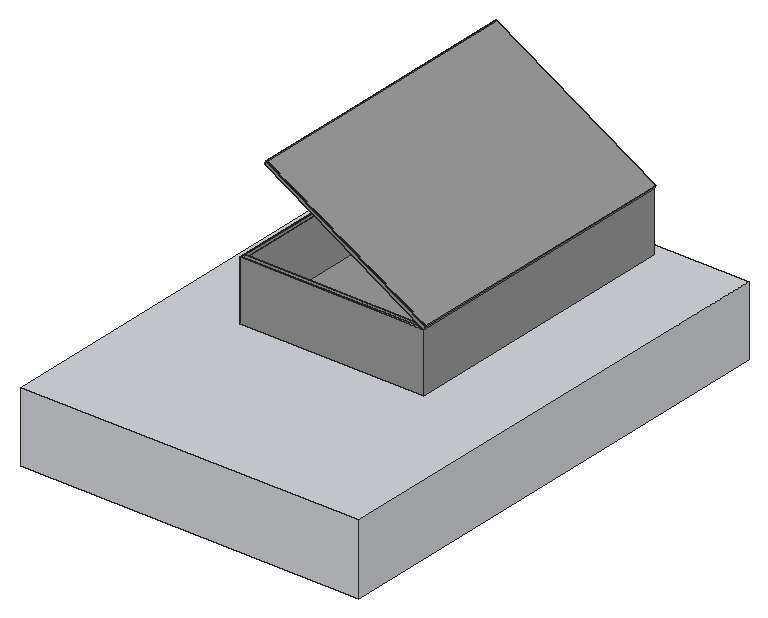
Revit family "Hager-Univers-IP55-D275-H1250-Cl.I-Steel_encl-AT-de", category Equipement électrique, Revit 2020
Family settings
  Hôte = Face
  Configuration du panneau = Deux colonnes, circuits au sein
  Cote de connecteur circulaire = Utiliser le diamètre
  Type d'élément = Tableau de raccordement
  Couper avec des vides une fois chargée = Non
  Partagée = Non
  Point de calcul de pièce = Non
Parameters (values of type "Aufputz IP55 B800 H1250 T275  - FR83E")
  Width Control [instance] = if([EF000008 - Breite] > Min Width, [EF000008 - Breite], Min Width)  # 800 mm
  Commentaires du type = [HG000003 - Bereich]  # "Univers"
  Thickness Door [instance] = if([EF009171 - Materialstärke Tür/Deckel] > 3 mm, 3 mm, [EF009171 - Materialstärke Tür/Deckel])  # 1.5 mm
  Seal Frame Offset [instance] = 17 mm  # constant formula
  Plinth Visibility [instance] = [HG000027 - Sockelhöhe] > 0 mm  # no
  Model = ""
  Min Width [instance] = 100 mm  # constant formula
  Min Height [instance] = 100 mm  # constant formula
  Min Depth [instance] = (2 * [EF009170 - Materialstärke Gehäuse]) + 1 mm  # 4 mm
  Internal Frame Depth [instance] = (Door System Depth * 0.5)  # 9 mm
  Height Control [instance] = if([EF000040 - Höhe] > Min Height, [EF000040 - Höhe], Min Height)  # 1250 mm
  HG000027 - Sockelhöhe = 0 mm
  HG000026 - Stehend auf dem Boden = no
  HG000024 - Höhe des unteren Teils = 800 mm
  HG000023 - Gehäuse mit doppeltem Querschnitt = no
  HG000016 - 3D-Türsichtbarkeit [instance] = yes
  HG000015 - Sichtbarkeit der Türöffnung [instance] = no
  HG000014 - Tür rechts [instance] = yes
  HG000013 - Tür links [instance] = not([HG000014 - Tür rechts])  # no
  HG000012 - Türschwenkwinkel [instance] = 30.00°
  HG000010 - Asymmetrische Türen = no
  HG000009 - Doppelflügeligen Tür = no
  HG000006 - Unterputz = no
  HG000004 - Herstellerreferenz = "FR83E"
  HG000003 - Bereich = "Univers"
  HG000002 - Mit tür = yes
  Frame Offset Bottom [instance] = 10 mm  # constant formula
  Frame Offset [instance] = 15 mm  # constant formula
  EF015940 - Deckel mit Überdruckentlastung = no
  EF011959 - Schutzart (NEMA) = ""
  EF009554 - Anzahl der Öffnungen für Flanschplatten = 6
  Fabricant = "Hager"  # constant formula
  EF009212 - Ausführung Deckel = "EV000116 - geschlossen"
  EF009171 - Materialstärke Tür/Deckel = 1.5 mm
  EF009170 - Materialstärke Gehäuse = 1.5 mm
  EF008873 - Nennstrom (In) = 800 A
  EF007800 - Geeignet für Blitzschutz = no
  EF006306 - Mit Schloss = no
  EF006244 - Transparenter Deckel/Tür = no
  EF005474 - Schutzart (IP) = "EV006420 - IP55"
  EF004464 - Art der Tür = "EV002646 - Einzel"
  EF004427 - Anzahl der Module = 288
  EF004293 - Schlagfestigkeit = "EV008784 - IK10"
  EF003532 - Geeignet für Außengebrauch = no
  EF002950 - Breite in Teilungseinheiten = 24
  EF001613 - Funktionserhalt = "EV000494 - ohne"
  EF001596 - Werkstoff des Gehäuses = "EV000179 - Stahl"
  EF001131 - Innentiefe = 275 mm
  EF001088 - Anbaumöglichkeit = yes
  EF000437 - Anzahl der Leitungseinführungen = 6
  EF000339 - Art der Abdeckung = "EV004216 - Tür"
  EF000266 - Anzahl der Reihen = 8
  EF000218 - Einbautiefe = 0 mm
  EF000118 - Mit Montageplatte = no
  EF000116 - RAL-Nummer = "7035"
  EF000049 - Tiefe = 275 mm
  EF000040 - Höhe = 1250 mm
  EF000008 - Breite = 800 mm
  EF000007 - Farbe = "EV000270 - grau"
  EF000003 - Montageart = "EV000384 - Aufputz"
  Door System Leaf Tolerance [instance] = 1.5 mm  # constant formula
  Door System Depth [instance] = 18 mm  # constant formula
  Door Height [instance] = Height Control - [HG000027 - Sockelhöhe]  # 1250 mm
  Depth Control [instance] = if([EF000049 - Tiefe] > Min Depth, [EF000049 - Tiefe], Min Depth)  # 275 mm
  Default Elevation = 0 mm
  Connector Offset [instance] = Height Control / 2  # 625 mm
  Bottom Top Plate Trim [instance] = 1.5 mm  # constant formula
  Plinth height Ctrl [instance] = if([HG000027 - Sockelhöhe] > 0 mm, [HG000027 - Sockelhöhe], 12 mm)  # 12 mm
Types (5, lengths in mm): name | Width Control | HG000010 - Asymmetrische Türen | HG000009 - Doppelflügeligen Tür | HG000004 - Herstellerreferenz | EF009554 - Anzahl der Öffnungen für Flanschplatten | EF004464 - Art der Tür | EF004427 - Anzahl der Module | EF000437 - Anzahl der Leitungseinführungen | EF000008 - Breite
  Aufputz IP55 B1050 H1250 T275  - FR84E | 1050 | no | yes | "FR84E" | 8 | "EV003602 - Doppel" | 384 | 8 | 1050
  Aufputz IP55 B1300 H1250 T275  - FR85E | 1300 | yes | yes | "FR85E" | 10 | "EV003602 - Doppel" | 480 | 10 | 1300
  Aufputz IP55 B300 H1250 T275  - FR81E | 300 | no | no | "FR81E" | 2 | "EV002646 - Einzel" | 96 | 2 | 300
  Aufputz IP55 B550 H1250 T275  - FR82E | 550 | no | no | "FR82E" | 4 | "EV002646 - Einzel" | 192 | 4 | 550
  Aufputz IP55 B800 H1250 T275  - FR83E | 800 | no | no | "FR83E" | 6 | "EV002646 - Einzel" | 288 | 6 | 800
Reference planes
  plane 1 "Center (Front/Back)": y = 0
  plane 2: z = 0
  plane 3 "Center (Left/Right)": x = 0
  plane 4: z = 275
  plane 5: y = 1.5
  plane 6: y = 625
  plane 7: y = 0
  plane 8: y = 1250
  plane 9: z = 0
  plane 10: x = -385
  plane 11: x = 385
  plane 12: x = 383.5
  plane 13: x = -383.5
  plane 14: y = 1248.5
  plane 15: x = -383
  plane 16: x = -400
  plane 17: x = 383
  plane 18: x = 400
  plane 19: x = 398.5
  plane 20: x = -398.5
  plane 21: y = 11.5
  plane 22: y = 1250
  plane 23: y = 1233.5
  plane 24: z = 257
  plane 25: z = 1.5
  plane 26: z = 255.5
  plane 27: z = 273.5
Forms (mm)
  Extrusion 1, solid
    sketch origin (0, 0, 0) x (1, 0, 0) y (0, 1, 0)
      loop
        line (-702.964, 1305) -> (-702.964, -811.445) -> (766.763, -811.445) -> (766.763, 1305) -> (-702.964, 1305)
    from 0 to -304.8
  Extrusion 2, solid, material "Hager_Steel_RAL7035_Light_Grey", visible <- "Plinth Visibility", detail levels medium+fine
    sketch origin (0, 0, 0) x (1, 0, 0) y (0, 1, 0)
      loop
        line (-400, 0) -> (400, 0) -> (400, 12) -> (-400, 12) -> (-400, 0)
    from 0 to 257
  Extrusion 3, solid, material "Hager_Steel_RAL7035_Light_Grey", detail levels medium+fine
    sketch origin (0, 0, 0) x (1, 0, 0) y (0, 1, 0)
      loop
        line (-400, 0) -> (400, 0) -> (400, 1250) -> (-400, 1250) -> (-400, 0)
    from 0 to 257
  Extrusion 4, void
    sketch origin (0, 0, 0) x (1, 0, 0) y (0, 1, 0)
      loop
        line (-398.5, 1.5) -> (398.5, 1.5) -> (398.5, 1248.5) -> (-398.5, 1248.5) -> (-398.5, 1.5)
    from 1.5 to 255.5
  Extrusion 5, void
    sketch origin (-381.607, -4572, 257) x (0, -1, 0) y (-1, 0, 0)
      loop
        line (-4583.5, 1.893) -> (-5805.5, 1.893) -> (-5805.5, -765.107) -> (-4583.5, -765.107) -> (-4583.5, 1.893)
    from 0 to 1.5 <- "EF009170 - Materialstärke Gehäuse"
  Extrusion 6, solid, material "Hager_Steel_RAL7035_Light_Grey", detail levels fine
    sketch origin (0, 0, 257) x (1, 0, 0) y (0, 1, 0)
      loop
        line (-383.5, 1233.5) -> (-383.5, 11.5) -> (383.5, 11.5) -> (383.5, 1233.5) -> (-383.5, 1233.5)
      loop
        line (-385, 10) -> (385, 10) -> (385, 1235) -> (-385, 1235) -> (-385, 10)
    from 0 to 9 <- "Internal Frame Depth"
  Extrusion 7, solid, material "Hager_Steel_RAL7035_Light_Grey", detail levels coarse
    sketch origin (0, 0, 0) x (1, 0, 0) y (0, 1, 0)
      loop
        line (-400, 0) -> (400, 0) -> (400, 1250) -> (-400, 1250) -> (-400, 0)
    from 0 to 275
  Sweep 8, void
    path in 3D
      loop
        line (-400, 12, 0) -> (400, 12, 0) -> (400, 12, 257) -> (-400, 12, 257) -> (-400, 12, 0)
    profile origin (-400, 12, 128.5) x (-1, 0, 0) y (0, -1, 0)
      loop
        line (0, 0) -> (0, 1.5) -> (-1.5, 1.5)
        arc (-1.5, 1.5) -> (-1.061, 0.439) -> (0, 0) r 1.5
Cuts and joins
  Extrusion 4, Extrusion 5 cuts Extrusion 3
  Sweep 8 cuts Extrusion 2
Lines and regions (mm)
  Masking region 1
    outline origin (0, 0, 0) x (1, 0, 0) y (0, 0, 1)
      loop
        line (-400, 275) -> (-400, 0) -> (400, 0) -> (400, 275) -> (-400, 275)
  Masking region 2, detail levels medium+fine
    outline origin (0, 140, 0) x (0, 1, 0) y (0, 0, 1)
      loop
        line (-140, 0) -> (1110, 0) -> (1110, 257) -> (-140, 257) -> (-140, 0)
  Masking region 3, not visible, detail levels medium+fine
    outline origin (0, 297.922, 0) x (0, 1, 0) y (0, 0, 1)
      loop
        line (338.578, 0) -> (378.578, 0) -> (378.578, 263.5)
        arc (378.578, 263.5) -> (375.649, 270.571) -> (368.578, 273.5) r 10
        line (368.578, 273.5) -> (338.578, 273.5) -> (338.578, 0)
  Masking region 4, detail levels coarse
    outline origin (0, 0, 180) x (0, 1, 0) y (0, 0, 1)
      loop
        line (0, -180) -> (1250, -180) -> (1250, 95) -> (0, 95) -> (0, -180)
  Masking region 5, visible <- "Plinth Visibility", detail levels medium+fine
    outline origin (0, 52.24, 12.345) x (0, 0, -1) y (0, 1, 0)
      loop
        line (10.845, -40.24) -> (-243.155, -40.24)
        arc (-243.155, -40.24) -> (-243.594, -41.301) -> (-244.655, -41.74) r 1.5
        line (-244.655, -41.74) -> (-244.655, -52.24) -> (12.345, -52.24) -> (12.345, -41.74)
        arc (12.345, -41.74) -> (11.285, -41.301) -> (10.845, -40.24) r 1.5
  Masking region 6, detail levels medium+fine
    outline origin (-381.607, -4572, 257) x (-1, 0, 0) y (0, -1, 0)
      loop
        line (18.393, -5822) -> (18.393, -4572) -> (-781.607, -4572) -> (-781.607, -5822) -> (18.393, -5822)
  Masking region 7, visible <- "Plinth Visibility", detail levels medium+fine
    outline origin (-381.607, -4727, 257) x (-1, 0, 0) y (0, -1, 0)
      loop
        arc (16.893, -4739) -> (17.332, -4737.939) -> (18.393, -4737.5) r 1.5
        line (18.393, -4737.5) -> (18.393, -4727) -> (-781.607, -4727) -> (-781.607, -4737.5)
        arc (-781.607, -4737.5) -> (-780.546, -4737.939) -> (-780.107, -4739) r 1.5
        line (-780.107, -4739) -> (16.893, -4739)
  Masking region 8, detail levels coarse
    outline origin (-442.548, -4669.526, 257) x (-1, 0, 0) y (0, -1, 0)
      loop
        line (-42.548, -5919.526) -> (-42.548, -4669.526) -> (-842.548, -4669.526) -> (-842.548, -5919.526) -> (-42.548, -5919.526)
  sketch lines
    curve 1: line (-400, 12, 257) -> (-400, 12, 0)
    curve 2: line (400, 12, 257) -> (-400, 12, 257)
    curve 3: line (400, 12, 257) -> (400, 12, 0)
    curve 4: line (-400, 12, 0) -> (400, 12, 0)
Dimensions and locks
  "Depth Control": plane 4 to Extrusion 1
  "HG000027 - Sockelhöhe": plane 1 "Center (Front/Back)" to plane 7
  "EF009170 - Materialstärke Gehäuse": plane 5 to plane 7
  locked: connector elem to plane 3 "Center (Left/Right)"
  equal spacing: plane 8, plane 6, plane 7
  locked: connector elem to plane 6
  "EF009170 - Materialstärke Gehäuse": plane 8 to plane 14
  "EF009170 - Materialstärke Gehäuse": plane 10 to plane 13
  "EF009170 - Materialstärke Gehäuse": plane 12 to plane 11
  "Frame Offset": plane 20 to plane 13
  "Frame Offset": plane 12 to plane 19
  "EF009170 - Materialstärke Gehäuse": plane 16 to plane 20
  "EF009170 - Materialstärke Gehäuse": plane 19 to plane 18
  "Seal Frame Offset": plane 16 to plane 15
  "Seal Frame Offset": plane 17 to plane 18
  "Frame Offset Bottom": plane 21 to plane 5
  "Frame Offset": plane 14 to plane 23
  equal spacing: plane 16, plane 3 "Center (Left/Right)", plane 18
  "Width Control": plane 16 to plane 18
  "EF009170 - Materialstärke Gehäuse": plane 4 to plane 27
  "EF009170 - Materialstärke Gehäuse": plane 24 to plane 26
  "EF009170 - Materialstärke Gehäuse": plane 25 to level
  "Door System Depth": plane 4 to plane 24
  "Height Control": plane 1 "Center (Front/Back)" to Extrusion 7 sketch curve
  "Height Control": Masking region 4 sketch curve to plane 1 "Center (Front/Back)"
  "Height Control": plane 1 "Center (Front/Back)" to plane 22
  "Bottom Top Plate Trim": profile plane to Sweep 8 sketch curve
  "Bottom Top Plate Trim": Sweep 8 sketch curve to profile plane
  "Plinth height Ctrl": plane 1 "Center (Front/Back)" to Extrusion 2 sketch curve
  "Plinth height Ctrl": Masking region 5 sketch curve to plane 1 "Center (Front/Back)"
  "Plinth height Ctrl": plane 1 "Center (Front/Back)" to Masking region 7 sketch curve
  "Thickness Door": Extrusion 6 sketch curve to Extrusion 6 sketch curve  (x3)
  "Thickness Door": cut or joined group of Extrusion 3, Extrusion 4, Extrusion 5 to Extrusion 6 sketch curve
  radius of Masking region 3 sketch curve = 10 mm
  "Bottom Top Plate Trim": radius of Masking region 5 sketch curve  (x2)
  "Bottom Top Plate Trim": radius of Sweep 8 sketch curve
  "Bottom Top Plate Trim": radius of Masking region 7 sketch curve  (x2)
  aligned and locked: plane 2 to Extrusion 1
  aligned and locked: level to Extrusion 1
  aligned and locked: level to Masking region 1 sketch curve
  aligned and locked: Masking region 1 sketch curve to plane 18
  aligned and locked: Masking region 1 sketch curve to plane 16
  aligned and locked: plane 7 to Masking region 2 sketch curve
  aligned and locked: level to Masking region 3 sketch curve
  aligned and locked: Masking region 3 sketch curve to plane 27
  aligned and locked: level to Masking region 2 sketch curve
  aligned and locked: plane 1 "Center (Front/Back)" to Extrusion 2 sketch curve
  aligned and locked: Extrusion 3 sketch curve to plane 7
  aligned and locked: plane 16 to Extrusion 3 sketch curve
  aligned and locked: plane 18 to Extrusion 3 sketch curve
  aligned and locked: plane 20 to Extrusion 4 sketch curve
  aligned and locked: plane 19 to Extrusion 4 sketch curve
  aligned and locked: Extrusion 4 sketch curve to plane 5
  aligned and locked: Extrusion 4 to plane 25
  aligned and locked: plane 26 to Extrusion 4
  aligned and locked: plane 24 to Extrusion 3
  aligned and locked: Extrusion 5 sketch curve to plane 21
  aligned and locked: Extrusion 5 sketch curve to plane 13
  aligned and locked: Extrusion 5 sketch curve to plane 12
  aligned and locked: plane 18 to Extrusion 7 sketch curve
  aligned and locked: plane 1 "Center (Front/Back)" to Extrusion 7 sketch curve
  aligned and locked: plane 16 to Extrusion 7 sketch curve
  aligned and locked: plane 4 to Extrusion 7
  aligned and locked: Extrusion 7 to level
  aligned and locked: level to Masking region 4 sketch curve
  aligned and locked: Masking region 4 sketch curve to plane 1 "Center (Front/Back)"
  aligned and locked: Masking region 4 sketch curve to plane 4
  aligned and locked: nested 1 to level
  aligned and locked: nested 1 to plane 16
  aligned and locked: plane 8 to Extrusion 3 sketch curve
  aligned and locked: plane 23 to Extrusion 5 sketch curve
  aligned and locked: plane 14 to Extrusion 4 sketch curve
  aligned and locked: Masking region 2 sketch curve to plane 8
  aligned and locked: level to Masking region 5 sketch curve
  aligned and locked: plane 16 to Extrusion 2 sketch curve
  aligned and locked: plane 18 to Extrusion 2 sketch curve
  aligned and locked: Masking region 5 sketch curve to plane 24
  aligned and locked: Masking region 2 sketch curve to plane 24
  aligned and locked: plane 24 to Extrusion 2
  aligned and locked: profile plane to Sweep 8 sketch curve  (x2)
  aligned and locked: Masking region 6 sketch curve to plane 18
  aligned and locked: Masking region 6 sketch curve to plane 22
  aligned and locked: Masking region 6 sketch curve to plane 16
  aligned and locked: plane 8 to plane 22
  aligned and locked: Masking region 6 sketch curve to plane 7
  aligned and locked: Masking region 7 sketch curve to plane 16
  aligned and locked: Masking region 7 sketch curve to plane 1 "Center (Front/Back)"
  aligned and locked: Masking region 7 sketch curve to plane 18
  aligned and locked: Masking region 8 sketch curve to plane 1 "Center (Front/Back)"
  aligned and locked: Masking region 8 sketch curve to plane 18
  aligned and locked: Masking region 8 sketch curve to plane 22
  aligned and locked: Masking region 8 sketch curve to plane 16
  aligned and locked: nested 2 to plane 7
  aligned and locked: plane 3 "Center (Left/Right)" to nested 2
  aligned and locked: nested 2 to plane 24
  aligned and locked: Extrusion 6 sketch curve to cut or joined group of Extrusion 3, Extrusion 4, Extrusion 5  (x4)
Automatic sketch dimensions
  Extrusion 1 sketch curve to Extrusion 1 sketch curve = 1469.727 mm
  Extrusion 1 sketch curve to Extrusion 1 sketch curve = 2116.445 mm
  Masking region 1 sketch curve to plane 4 = 0 mm
  plane 6 to Masking region 3 sketch curve = 11.5 mm
  Masking region 3 sketch curve to Masking region 3 sketch curve = 30 mm
  Masking region 5 sketch curve to plane 1 "Center (Front/Back)" = 0 mm
Nested families
  nested 1: "Hager_Enclosure_Symbol" at (-400, 0, 0) x (1, 0, 0) z (0, -1, 0), Height <- "Depth Control", Width <- "Width Control", type "Hager_Enclosure_Symbol"
    with Width_Ctrl 800 mm, Width 800 mm, Height_Ctrl 275 mm, Height 275 mm, A_Width_Int 18.047 mm, A_Width 216.562 mm, A_Height_Ctrl 240.625 mm, A_Height 240.625 mm
  nested 2: "EC000058_Univers_Door" at (0, 0, 257) x (1, 0, 0) z (0, 1, 0), Leaf_Tolerance <- "Door System Leaf Tolerance", Angle <- "HG000012 - Türschwenkwinkel", Door_Depth <- "Door System Depth", Door_Left <- "HG000013 - Tür links", Transparent <- "EF006244 - Transparenter Deckel/Tür", Assymetrical <- "HG000010 - Asymmetrische Türen", Width <- "Width Control", Clearance <- "HG000015 - Sichtbarkeit der Türöffnung", Double <- "HG000009 - Doppelflügeligen Tür", 3d_Door <- "HG000016 - 3D-Türsichtbarkeit", Lock_Visibility <- "EF006306 - Mit Schloss", Width_Ctrl <- "Width Control", Door_Right <- "HG000014 - Tür rechts", Door <- "HG000002 - Mit tür", Height <- "Door Height", Thickness <- "Thickness Door", type "EC000058_Univers_Door", detail levels medium+fine
    with min_wh 4 mm, Width_Ctrl 800 mm, Width 800 mm, Transparent no, Thickness 1.5 mm, Seal_Material Hager_Rubber, Lock_Visibility no, Lock_Material Hager_Plastic_RAL9005_Jet_Black, Leaf_Width 800 mm, Leaf_Tolerance_External_Sides 0 mm, Leaf_Tolerance 1.5 mm, Leaf_Offset 0 mm, Leaf_Height 1247 mm, Leaf_2_Width 800 mm, Leaf_2_Offset 400 mm, Leaf_1_Width 800 mm, Leaf_1_Offset 400 mm, Height_Ctrl 1250 mm, Height 1250 mm, Glass_Material Hager_Glass, Double_Clearance_Ctrl no, Double no, Door_Right_Ctrl yes, Door_Right yes, Door_Material Hager_Steel_RAL7035_Light_Grey, Door_Left_Ctrl no, Door_Left no, Door_Depth 18 mm, Door yes, Clearance_Material Hager_Clearance, Clearance_Depth 800 mm, Clearance_Ctrl no, Clearance no, Assymetrical no, Angle 30.00°, 3d_Door yes
Connectors
  electrical at (0, 625, 0)
    settings: on plane 9, index 1, voltage 0 V, apparent load 0 VA, apparent load phase1 0 VA, apparent load phase2 0 VA, apparent load phase3 0 VA, power factor 1, load classification "Other", number of poles 1, system type 30, power factor state 1, is connector primary yes, connector utility no, sub classification motor no, connector description ""
Definition of nested family "EC000058_Univers_Door"
  Parameters (values of type "EC000058_Univers_Door")
    min_wh [instance] = (2 * Thickness) + 1 mm  # 11 mm
    Width_Ctrl [instance] = 400 mm
    Width [instance] = 500 mm
    Transparent [instance] = yes
    Thickness [instance] = 5 mm
    Seal_Material [instance] = none
    Lock_Visibility [instance] = yes
    Lock_Material [instance] = none
    Leaf_Width [instance] = if((Width_Ctrl - 2 * Leaf_Tolerance_External_Sides) > 0 mm, (Width_Ctrl - 2 * Leaf_Tolerance_External_Sides), min_wh)  # 400 mm
    Leaf_Tolerance_External_Sides [instance] = 0 mm  # constant formula
    Leaf_Tolerance [instance] = 1.5 mm
    Leaf_Offset [instance] = 0 mm  # constant formula
    Leaf_Height [instance] = if((Height_Ctrl - 2 * Leaf_Tolerance) > 0 mm, (Height_Ctrl - 2 * Leaf_Tolerance), min_wh)  # 497 mm
    Leaf_2_Width [instance] = if(and(and(Double, Assymetrical), Door_Left), (Leaf_Width / 3) - (Leaf_Tolerance / 2), if(and(and(Double, Assymetrical), Door_Right), (Leaf_Width / 3) * 2 - (Leaf_Tolerance / 2), if(and(Double, not(Assymetrical)), (Leaf_Width / 2) - Leaf_Tolerance, Leaf_Width)))  # 400 mm
    Leaf_2_Offset [instance] = if(and(Double, Assymetrical), Leaf_2_Width / 2, if(and(Double, not(Assymetrical)), Leaf_Width / 4, Leaf_Width / 2))  # 200 mm
    Leaf_1_Width [instance] = if(and(and(Double, Assymetrical), Door_Right), (Leaf_Width / 3) - (Leaf_Tolerance / 2), if(and(and(Double, Assymetrical), Door_Left), (Width / 3) * 2 - (Leaf_Tolerance / 2), if(and(Double, not(Assymetrical)), (Leaf_Width / 2) - Leaf_Tolerance, Leaf_Width)))  # 400 mm
    Leaf_1_Offset [instance] = if(and(Double, Assymetrical), Leaf_1_Width / 2, if(and(Double, not(Assymetrical)), Leaf_Width / 4, Leaf_Width / 2))  # 200 mm
    Height_Ctrl [instance] = if(Height > min_wh, Height, min_wh)  # 500 mm
    Height [instance] = 500 mm
    Glass_Material [instance] = none
    Double_Clearance_Ctrl [instance] = and(Double, Clearance)  # no
    Double [instance] = no
    Door_Right_Ctrl [instance] = and(or(Door_Right, Double), Door)  # yes
    Door_Right [instance] = yes
    Door_Material [instance] = none
    Door_Left_Ctrl [instance] = and(or(Door_Left, Double), Door)  # no
    Door_Left [instance] = no
    Door_Depth [instance] = 30 mm
    Door [instance] = yes
    Default Elevation = 1219.2 mm
    Clearance_Material [instance] = none
    Clearance_Depth [instance] = if(Leaf_1_Width > Leaf_2_Width, Leaf_1_Width, Leaf_2_Width)  # 400 mm
    Clearance_Ctrl [instance] = and(not(Double), Clearance)  # yes
    Clearance [instance] = yes
    Assymetrical [instance] = yes
    Angle [instance] = 30.00°
    3d_Door [instance] = yes
  Reference planes
    plane 1 "Center (Front/Back)": y = 0
    plane 2 "Bottom": z = 0
    plane 3 "Center (Left/Right)": x = 0
    plane 4: z = 500
    plane 5: x = -200
    plane 6: x = 200
    plane 7: z = 500
    plane 8: x = -200
    plane 9: z = 0
    plane 10: x = 200
    plane 11: y = 0
    plane 12: z = 1.5
    plane 13: x = -600
    plane 14: y = -400
    plane 15: x = 600
    plane 16: x = 0
    plane 17: x = 0
    plane 18: x = -200
    plane 19: x = 200
    plane 20: z = 498.5
  Forms (mm)
    Extrusion 1, solid, material <- "Clearance_Material", visible <- "Double_Clearance_Ctrl"
      sketch origin (1200, 0, 0) x (1, 0, 0) y (0, 0, -1)
        loop
          line (-1800, -498.5) -> (-600, -498.5) -> (-600, 0) -> (-1800, 0) -> (-1800, -498.5)
      from 0 to -400
  Dimensions and locks
    equal spacing: plane 5, plane 3 "Center (Left/Right)", plane 6
    "Width_Ctrl": plane 5 to plane 6
    "Leaf_Offset": plane 5 to plane 8
    "Leaf_Offset": plane 6 to plane 10
    "Leaf_Offset": plane 9 to level
    "Leaf_Offset": plane 4 to plane 7
    "Height_Ctrl": plane 4 to level
    "Leaf_Tolerance": plane 12 to plane 9
    locked: plane 11 to plane 1 "Center (Front/Back)"
    "Leaf_1_Offset": plane 18 to plane 16
    "Leaf_2_Offset": plane 17 to plane 19
    "Leaf_1_Width": plane 13 to plane 8
    "Leaf_2_Width": plane 10 to plane 15
    "Clearance_Depth": plane 14 to plane 1 "Center (Front/Back)"
    "Leaf_Tolerance_External_Sides": plane 8 to plane 18
    "Leaf_Tolerance_External_Sides": plane 19 to plane 10
    "Leaf_Tolerance": plane 7 to plane 20
    aligned and locked: level to plane 2 "Bottom"
    aligned and locked: nested 1 to plane 16
    aligned and locked: nested 2 to plane 17
    aligned and locked: Extrusion 1 to plane 13
    aligned and locked: plane 15 to Extrusion 1
    aligned and locked: Extrusion 1 to plane 14
    aligned and locked: plane 12 to nested 1
    aligned and locked: nested 2 to plane 12
    aligned and locked: Extrusion 1 to plane 11
    aligned and locked: plane 20 to Extrusion 1
    aligned and locked: nested 2 to plane 11
    aligned and locked: nested 1 to plane 11
  Automatic sketch dimensions
    Extrusion 1 sketch curve to level = 0 mm
    plane 5 to Extrusion 1 sketch curve = 400 mm
    plane 6 to Extrusion 1 sketch curve = 400 mm
    Extrusion 1 sketch curve to plane 4 = 1.5 mm
  Nested families
    nested 1: "EC000058_Univers_Door_Leaf" at (0, 0, 1.5), Width <- "Leaf_1_Width", visible <- "Door_Left_Ctrl", Leaf_Height <- "Leaf_Height", Angle <- "Angle", 3d_Door <- "3d_Door", Transparent <- "Transparent", Clearance Material <- "Clearance_Material", Clearance <- "Clearance_Ctrl", Door_Material <- "Door_Material", Glass_Material <- "Glass_Material", Door_Depth <- "Door_Depth", Lock_Material <- "Lock_Material", Seal_Material <- "Seal_Material", Lock_Visibility <- "Lock_Visibility", Thickness <- "Thickness", type "EC000058_Univers_Door_Leaf"
      with Width 400 mm, Transparent_Glass_Offset 30 mm, Transparent_Ctrl yes, Transparent yes, Thickness 5 mm, Standard no, Seal_Material none, Seal_D2 8 mm, Seal_D1 1 mm, Offset_Internal_Frame 10 mm, Lock_Width 20 mm, Lock_Visibility_3d yes, Lock_Visibility yes, Lock_Thickness_3 3 mm, Lock_Thickness_2 1 mm, Lock_Thickness_1 3 mm, Lock_Radius_Offset_2 16 mm, Lock_Radius_Offset_1 15 mm, Lock_Radius_2 5 mm, Lock_Radius 6 mm, Lock_Offset 5 mm, Lock_Material none, Lock_Height 80 mm, Lock_Cover_Top_Offset_2d 17 mm, Lock_Cover_Height -65 mm, Leaf_Height 497 mm, Internal_Seal_Thickness 8 mm, Internal_Seal_Depth_2 4.5 mm, Internal_Frame_Depth 25 mm, Glass_Thickness -1 mm, Glass_Offset -2 mm, Glass_Material none, Door_Material none, Door_Depth 30 mm, Clearance Material none, Clearance yes, Angle_Ctrl 30.00°, Angle 30.00°, 3d_Door yes
    nested 2: "EC000058_Univers_Door_Leaf" at (0, 0, 1.5) x (-1, 0, 0) z (0, 0, 1), Width <- "Leaf_2_Width", visible <- "Door_Right_Ctrl", Leaf_Height <- "Leaf_Height", Angle <- "Angle", 3d_Door <- "3d_Door", Transparent <- "Transparent", Clearance Material <- "Clearance_Material", Clearance <- "Clearance_Ctrl", Door_Material <- "Door_Material", Glass_Material <- "Glass_Material", Door_Depth <- "Door_Depth", Lock_Material <- "Lock_Material", Seal_Material <- "Seal_Material", Lock_Visibility <- "Lock_Visibility", Thickness <- "Thickness", type "EC000058_Univers_Door_Leaf"
      with Width 400 mm, Transparent_Glass_Offset 30 mm, Transparent_Ctrl yes, Transparent yes, Thickness 5 mm, Standard no, Seal_Material none, Seal_D2 8 mm, Seal_D1 1 mm, Offset_Internal_Frame 10 mm, Lock_Width 20 mm, Lock_Visibility_3d yes, Lock_Visibility yes, Lock_Thickness_3 3 mm, Lock_Thickness_2 1 mm, Lock_Thickness_1 3 mm, Lock_Radius_Offset_2 16 mm, Lock_Radius_Offset_1 15 mm, Lock_Radius_2 5 mm, Lock_Radius 6 mm, Lock_Offset 5 mm, Lock_Material none, Lock_Height 80 mm, Lock_Cover_Top_Offset_2d 17 mm, Lock_Cover_Height -65 mm, Leaf_Height 497 mm, Internal_Seal_Thickness 8 mm, Internal_Seal_Depth_2 4.5 mm, Internal_Frame_Depth 25 mm, Glass_Thickness -1 mm, Glass_Offset -2 mm, Glass_Material none, Door_Material none, Door_Depth 30 mm, Clearance Material none, Clearance yes, Angle_Ctrl 30.00°, Angle 30.00°, 3d_Door yes
  Definition of nested family "EC000058_Univers_Door_Leaf"
    Parameters (values of type "EC000058_Univers_Door_Leaf")
      Width [instance] = 2000 mm
      Transparent_Glass_Offset [instance] = 30 mm
      Transparent_Ctrl [instance] = and(Transparent, [3d_Door])  # yes
      Transparent [instance] = yes
      Thickness [instance] = 5 mm
      Standard [instance] = and(not(Transparent), [3d_Door])  # no
      Seal_Material [instance] = none
      Seal_D2 [instance] = 8 mm  # constant formula
      Seal_D1 [instance] = 1 mm  # constant formula
      Offset_Internal_Frame [instance] = 10 mm  # constant formula
      Lock_Width [instance] = 20 mm  # constant formula
      Lock_Visibility_3d [instance] = and(Lock_Visibility, [3d_Door])  # yes
      Lock_Visibility [instance] = yes
      Lock_Thickness_3 [instance] = 3 mm  # constant formula
      Lock_Thickness_2 [instance] = 1 mm  # constant formula
      Lock_Thickness_1 [instance] = 3 mm  # constant formula
      Lock_Radius_Offset_2 [instance] = Lock_Radius_Offset_1 + 1 mm  # 16 mm
      Lock_Radius_Offset_1 [instance] = 15 mm  # constant formula
      Lock_Radius_2 [instance] = Lock_Radius - 1 mm  # 5 mm
      Lock_Radius [instance] = 6 mm  # constant formula
      Lock_Offset [instance] = 5 mm  # constant formula
      Lock_Material [instance] = none
      Lock_Height [instance] = 80 mm  # constant formula
      Lock_Cover_Top_Offset_2d [instance] = Lock_Radius_Offset_2 + 1 mm  # 17 mm
      Lock_Cover_Height [instance] = -(Lock_Height - Lock_Radius_Offset_1)  # -65 mm
      Leaf_Height [instance] = 2720.336 mm
      Internal_Seal_Thickness [instance] = 8 mm  # constant formula
      Internal_Seal_Depth_2 [instance] = 4.5 mm  # constant formula
      Internal_Frame_Depth [instance] = if(Door_Depth - Thickness > 5 mm, Door_Depth - Thickness, 5 mm)  # 25 mm
      Glass_Thickness [instance] = if(Thickness > 15 mm, Glass_Offset + 10 mm, -1 mm)  # -1 mm
      Glass_Offset [instance] = if(Thickness > 15 mm, -(Thickness + 10 mm) / 2, -2 mm)  # -2 mm
      Glass_Material [instance] = none
      Door_Material [instance] = none
      Door_Depth [instance] = 30 mm
      Default Elevation = 0 mm
      Clearance Material [instance] = none
      Clearance [instance] = yes
      Angle_Ctrl [instance] = if(Angle > 180.00°, 180.00°, Angle)  # 90.00°
      Angle [instance] = 90.00°
      3d_Door [instance] = yes
    Reference planes
      plane 1 "Center (Front/Back)": y = 0
      plane 2: z = 0
      plane 3 "Center (Left/Right)": x = 0
      plane 4: y = 2000
      plane 5: x = -1000
      plane 6: x = 1000
      plane 7: x = -3000
      plane 8: z = 2720.336
      plane 9: z = 30
      plane 10: z = 2690.336
      plane 11: x = 970
      plane 12: x = -970
      plane 13: y = -3
      plane 14: z = 107.833
      plane 15: y = -5
      plane 16: y = -223.314
      plane 17: x = -1000
      plane 18: z = 1360.168
      plane 19: y = 30
    Forms (mm)
      Extrusion 1, solid, material <- "Clearance Material", visible <- "Clearance"
        sketch origin (0, 0, 0) x (1, 0, 0) y (0, 0, 1)
          loop
            line (-3000, 2720.336) -> (-3000, 0) -> (1000, 0) -> (1000, 2720.336) -> (-3000, 2720.336)
        from 0 to -2000
      Extrusion 2, solid, material <- "Door_Material", visible <- "Standard", detail levels medium+fine
        sketch origin (-1000, 0, 0) x (0, 1, 0) y (-1, 0, 0)
          loop
            line (0, 30) -> (0, 25) -> (2000, 25) -> (2000, 30) -> (0, 30)
        from 0 to 2720.336 <- "Leaf_Height"
      Extrusion 3, solid, material <- "Door_Material", visible <- "Transparent_Ctrl", detail levels medium+fine
        sketch origin (-1000, 0, 0) x (0, 1, 0) y (-1, 0, 0)
          loop
            line (0, 25) -> (2000, 25) -> (2000, 30) -> (0, 30) -> (0, 25)
        from 0 to 2720.336 <- "Leaf_Height"
      Extrusion 4, void
        sketch origin (-1025, 2000, 0) x (0, 1, 0) y (0, 0, -1)
          loop
            line (-30, -2690.336) -> (-30, -30) -> (-1970, -30) -> (-1970, -2690.336) -> (-30, -2690.336)
        from 0 to 5 <- "Thickness"
      Sweep 5, solid, material <- "Seal_Material", visible <- "Transparent_Ctrl", detail levels fine
        path in 3D
          loop
            line (-1025, 30, 30) -> (-1025, 30, 2690.336) -> (-1025, 1970, 2690.336) -> (-1025, 1970, 30) -> (-1025, 30, 30)
        profile origin (-1025, 1000, 30) x (1, 0, 0) y (0, 0, 1)
          loop
            line (0, 0) -> (0, -8) -> (1, -8) -> (1, 0) -> (0, 0)
      Extrusion 6, solid, material <- "Glass_Material", visible <- "Transparent_Ctrl", detail levels medium+fine
        sketch origin (-1030, 0, 0) x (0, 1, 0) y (0, 0, -1)
          loop
            line (1970, -2690.336) -> (1970, -30) -> (30, -30) -> (30, -2690.336) -> (1970, -2690.336)
        from -2 <- "Glass_Offset" to -1 <- "Glass_Thickness"
      Extrusion 7, solid, material <- "Door_Material", visible <- "3d_Door", detail levels medium+fine
        sketch origin (-1025, 2000, 0) x (0, -1, 0) y (0, 0, -1)
          loop
            line (0, -2720.336) -> (2000, -2720.336) -> (2000, 0) -> (0, 0) -> (0, -2720.336)
          loop
            line (1995, -5) -> (5, -5) -> (5, -2715.336) -> (1995, -2715.336) -> (1995, -5)
        from 0 to 25 <- "Internal_Frame_Depth"
      Sweep 8, solid, material <- "Seal_Material", visible <- "Transparent_Ctrl", detail levels fine
        path in 3D
          loop
            line (-1025, 0, 0) -> (-1025, 2000, 0) -> (-1025, 2000, 2720.336) -> (-1025, 0, 2720.336) -> (-1025, 0, 0)
        profile origin (-1025, 0, 1360.168) x (1, 0, 0) y (0, 1, 0)
          loop
            line (0, 10) -> (2.975, 10)
            arc (2.975, 10) -> (4.053, 10.447) -> (4.5, 11.525) r 1.525
            line (4.5, 11.525) -> (4.5, 16.527)
            arc (4.5, 16.527) -> (4.069, 17.569) -> (3.027, 18) r 1.473
            line (3.027, 18) -> (0, 18) -> (0, 10)
      Extrusion 9, solid, material <- "Lock_Material", visible <- "Lock_Visibility_3d", detail levels fine
        sketch origin (-1030, 0, 0) x (0, 1, 0) y (0, 0, -1)
          loop
            arc (1993.5, -1400.168) -> (1994.561, -1399.729) -> (1995, -1398.668) r 1.5
            line (1995, -1398.668) -> (1995, -1320.168) -> (1975, -1320.168) -> (1975, -1398.668)
            arc (1975, -1398.668) -> (1975.439, -1399.729) -> (1976.5, -1400.168) r 1.5
            line (1976.5, -1400.168) -> (1993.5, -1400.168)
        from 3 <- "Lock_Thickness_1" to 0
      Blend 10, solid, material <- "Lock_Material", visible <- "Lock_Visibility_3d", detail levels fine
        base sketch origin (-1033, 0, 0) x (0, 1, 0) y (0, 0, -1)
          loop
            line (1975, -1320.168) -> (1975, -1398.668)
            arc (1975, -1398.668) -> (1975.439, -1399.729) -> (1976.5, -1400.168) r 1.5
            line (1976.5, -1400.168) -> (1993.5, -1400.168)
            arc (1993.5, -1400.168) -> (1994.561, -1399.729) -> (1995, -1398.668) r 1.5
            line (1995, -1398.668) -> (1995, -1320.168) -> (1975, -1320.168)
        top sketch origin (-1033, 0, 0) x (0, 1, 0) y (0, 0, -1)
          loop
            line (1976, -1320.168) -> (1976, -1398.668)
            arc (1976, -1398.668) -> (1976.146, -1399.022) -> (1976.5, -1399.168) r 0.5
            line (1976.5, -1399.168) -> (1993.5, -1399.168)
            arc (1993.5, -1399.168) -> (1993.854, -1399.022) -> (1994, -1398.668) r 0.5
            line (1994, -1398.668) -> (1994, -1320.168) -> (1976, -1320.168)
        from 0 to 1 <- "Lock_Thickness_2"
      Blend 11, solid, material <- "Lock_Material", visible <- "Lock_Visibility_3d", detail levels fine
        base sketch origin (-1034, 0, 0) x (0, 1, 0) y (0, 0, -1)
          loop
            line (1978, -1320.168) -> (1978, -1384.168)
            arc (1978, -1384.168) -> (1985, -1391.168) -> (1992, -1384.168) r 7
            line (1992, -1384.168) -> (1992, -1320.168) -> (1978, -1320.168)
        top sketch origin (-1034, 0, 0) x (0, 1, 0) y (0, 0, -1)
          loop
            line (1991, -1320.168) -> (1979, -1320.168) -> (1979, -1383.168)
            arc (1979, -1383.168) -> (1985, -1389.168) -> (1991, -1383.168) r 6
            line (1991, -1383.168) -> (1991, -1320.168)
        from 0 to 3 <- "Lock_Thickness_3"
      Extrusion 12, solid, material <- "Lock_Material", visible <- "Lock_Visibility_3d", detail levels fine
        sketch origin (-1030, 1975, 1320.168) x (1, 0, 0) y (0, -1, 0)
          loop
            line (-7, -19) -> (-7, -1) -> (0, -1) -> (0, 0) -> (-8, 0) -> (-8, -20) -> (0, -20) -> (0, -19) -> (-7, -19)
        from 0 to -65 <- "Lock_Cover_Height"
      Extrusion 13, void
        sketch origin (-1038, 1995, 1320.168) x (-1, 0, 0) y (0, 0, -1)
          loop
            line (-5, -65) -> (0, -65) -> (-5, -60) -> (-5, -65)
        from 0 to 20 <- "Lock_Width"
      Extrusion 14, void
        sketch origin (-1038, 1975, 1320.168) x (0, -1, 0) y (0, 0, -1)
          loop
            circle (-10, -15.995) r 6
          loop
            circle (-10, -15.995) r 5
        from 0 to 2
      Extrusion 15, solid, material <- "Lock_Material", visible <- "Lock_Visibility_3d", detail levels medium
        sketch origin (-1030, 0, 0) x (0, 1, 0) y (0, 0, -1)
          loop
            arc (1993.5, -1400.168) -> (1994.561, -1399.729) -> (1995, -1398.668) r 1.5
            line (1995, -1398.668) -> (1995, -1320.168) -> (1975, -1320.168) -> (1975, -1398.668)
            arc (1975, -1398.668) -> (1975.439, -1399.729) -> (1976.5, -1400.168) r 1.5
            line (1976.5, -1400.168) -> (1993.5, -1400.168)
        from 8 to 0
    Cuts and joins
      Extrusion 4 cuts Extrusion 3
      Extrusion 13, Extrusion 14 cuts Extrusion 9
      Extrusion 14 cuts Blend 11
      Extrusion 13, Extrusion 14 cuts Extrusion 12
      joined: Extrusion 9, Blend 10, Blend 11, Extrusion 12
      Extrusion 14 cuts Extrusion 15
    Lines and regions (mm)
      Masking region 1, visible <- "Lock_Visibility", detail levels fine
        outline origin (0, 0, 0) x (0, 1, 0) y (0, 0, 1)
          loop
            line (30, 1320.168) -> (33, 1320.168) -> (33, 1400.168) -> (30, 1400.168) -> (30, 1320.168)
      Masking region 2, visible <- "Lock_Visibility", detail levels fine
        outline origin (0, 3.143, 0) x (0, 1, 0) y (0, 0, 1)
          loop
            line (29.857, 1354.168) -> (30.857, 1354.168) -> (30.857, 1366.168) -> (29.857, 1366.168) -> (29.857, 1354.168)
      Masking region 3, detail levels medium+fine
        outline origin (0, 0, 0) x (0, 1, 0) y (0, 0, 1)
          loop
            line (0, 0) -> (30, 0) -> (30, 2720.336) -> (0, 2720.336) -> (0, 0)
      Masking region 4, detail levels medium+fine
        outline origin (0, 0, 0) x (1, 0, 0) y (0, 0, 1)
          loop
            line (-1000, 2720.336) -> (-1000, 0) -> (1000, 0) -> (1000, 2720.336) -> (-1000, 2720.336)
      Masking region 5, visible <- "Lock_Visibility", detail levels fine
        outline origin (-47.116, 0, 0) x (1, 0, 0) y (0, 0, 1)
          loop
            arc (1024.616, 1399.168) -> (1023.556, 1398.729) -> (1023.116, 1397.668) r 1.5
            line (1023.116, 1397.668) -> (1023.116, 1320.168) -> (1041.116, 1320.168) -> (1041.116, 1397.668)
            arc (1041.116, 1397.668) -> (1040.677, 1398.729) -> (1039.616, 1399.168) r 1.5
            line (1039.616, 1399.168) -> (1024.616, 1399.168)
      Masking region 6, visible <- "Lock_Visibility", detail levels medium+fine
        outline origin (-25, 0, 0) x (1, 0, 0) y (0, 0, 1)
          loop
            arc (1001.5, 1400.168) -> (1000.439, 1399.729) -> (1000, 1398.668) r 1.5
            line (1000, 1398.668) -> (1000, 1320.168) -> (1020, 1320.168) -> (1020, 1398.668)
            arc (1020, 1398.668) -> (1019.561, 1399.729) -> (1018.5, 1400.168) r 1.5
            line (1018.5, 1400.168) -> (1001.5, 1400.168)
      Masking region 7, visible <- "Lock_Visibility", detail levels fine
        outline origin (-73.735, 0, 0) x (1, 0, 0) y (0, 0, 1)
          loop
            line (1051.735, 1382.168) -> (1065.735, 1382.168) -> (1065.735, 1384.168)
            arc (1065.735, 1384.168) -> (1058.735, 1391.168) -> (1051.735, 1384.168) r 7
            line (1051.735, 1384.168) -> (1051.735, 1382.168)
      Masking region 8, visible <- "Lock_Visibility", detail levels fine
        outline origin (-73.735, 0, 0) x (1, 0, 0) y (0, 0, 1)
          loop
            line (1052.735, 1382.168) -> (1064.735, 1382.168) -> (1064.735, 1383.168)
            arc (1064.735, 1383.168) -> (1058.735, 1389.168) -> (1052.735, 1383.168) r 6
            line (1052.735, 1383.168) -> (1052.735, 1382.168)
      Masking region 9, visible <- "Lock_Visibility", detail levels fine
        outline origin (-25, 0, 0) x (1, 0, 0) y (0, 0, 1)
          loop
            line (1020, 1320.168) -> (1020, 1382.168) -> (1000, 1382.168) -> (1000, 1320.168) -> (1020, 1320.168)
      Masking region 10, detail levels medium+fine
        outline origin (0, 0, 0) x (1, 0, 0) y (0, 0, 1)
          loop
            circle (985, 1335.144) r 6
      Masking region 11, detail levels fine
        outline origin (0, 0, 0) x (1, 0, 0) y (0, 0, 1)
          loop
            circle (985, 1335.144) r 5
      Masking region 12, visible <- "Lock_Visibility", detail levels fine
        outline origin (0, 12.767, 0) x (0, 1, 0) y (0, 0, 1)
          loop
            line (20.233, 1320.168) -> (21.233, 1320.168) -> (21.233, 1399.168) -> (20.233, 1400.168) -> (20.233, 1320.168)
      Masking region 13, visible <- "Lock_Visibility", detail levels fine
        outline origin (0, 13.767, -10) x (0, 1, 0) y (0, 0, 1)
          loop
            line (20.233, 1330.168) -> (23.233, 1330.168) -> (23.233, 1399.168) -> (20.233, 1402.168) -> (20.233, 1330.168)
      Masking region 14, visible <- "Lock_Visibility", detail levels fine
        outline origin (0, 12.767, -10) x (0, 1, 0) y (0, 0, 1)
          loop
            line (20.233, 1330.168) -> (25.233, 1330.168) -> (25.233, 1399.305) -> (20.233, 1394.305) -> (20.233, 1330.168)
      Masking region 15, visible <- "Lock_Visibility", detail levels medium
        outline origin (0, 0, 0) x (0, 1, 0) y (0, 0, 1)
          loop
            line (30, 1320.168) -> (38, 1320.168) -> (38, 1400.168) -> (30, 1400.168) -> (30, 1320.168)
      Masking region 16, visible <- "Lock_Visibility", detail levels fine
        outline origin (-1000, 0, 0) x (0, 1, 0) y (-1, 0, 0)
          loop
            line (1975, 30) -> (1995, 30) -> (1995, 38) -> (1975, 38) -> (1975, 30)
          loop
            line (1979, 37) -> (1976, 37) -> (1976, 34) -> (1978, 34) -> (1979, 37)
          loop
            line (1994, 37) -> (1991, 37) -> (1992, 34) -> (1994, 34) -> (1994, 37)
      Masking region 17, visible <- "Lock_Visibility", detail levels medium
        outline origin (-1000, 0, 0) x (0, 1, 0) y (-1, 0, 0)
          loop
            line (1975, 30) -> (1995, 30) -> (1995, 38) -> (1975, 38) -> (1975, 30)
      symbolic lines
        curve 1: line (1000, 0, 0) -> (-3000, 0, 0)
        curve 2: arc (1000, 0, 0) -> (-1000, 2000, 0) -> (-3000, 0, 0) r 2000
        curve 4: line (-1030, 0, 0) -> (-1030, 2000, 0)
      reference lines
        curve 3: line (-1000, 0, 0) -> (-1000, 2000, 0)
      symbolic lines, detail levels medium+fine
        curve 5: line (-1030, 2000, 0) -> (-1025, 2000, 0)
        curve 7: line (-1025, 0, 0) -> (-1030, 0, 0)
        curve 8: line (-1025, 0, 0) -> (-1000, 0, 0)
        curve 9: line (-1000, 0, 0) -> (-1000, 2000, 0)
        curve 10: line (-1000, 2000, 0) -> (-1025, 2000, 0)
      symbolic lines, detail levels fine
        curve 6: line (-1025, 2000, 0) -> (-1025, 0, 0)
      sketch lines
        curve 11: line (-1025, 0, 2720.336) -> (-1025, 0, 0)
        curve 12: line (-1025, 2000, 0) -> (-1025, 0, 0)
        curve 13: line (-1025, 2000, 2720.336) -> (-1025, 2000, 0)
        curve 14: line (-1025, 0, 2720.336) -> (-1025, 2000, 2720.336)
        curve 15: line (-1025, 1970, 30) -> (-1025, 30, 30)
        curve 16: line (-1025, 30, 30) -> (-1025, 30, 2690.336)
        curve 17: line (-1025, 1970, 2690.336) -> (-1025, 1970, 30)
        curve 18: line (-1025, 30, 2690.336) -> (-1025, 1970, 2690.336)
      symbolic lines, visible <- "Transparent", detail levels medium+fine
        curve 19: line (-970, 0, 2690.336) -> (970, 0, 2690.336)
        curve 20: line (-970, 0, 30) -> (-970, 0, 2690.336)
        curve 21: line (970, 0, 30) -> (-970, 0, 30)
        curve 22: line (970, 0, 2690.336) -> (970, 0, 30)
    Dimensions and locks
      "Width": plane 1 "Center (Front/Back)" to plane 4
      equal spacing: plane 5, plane 3 "Center (Left/Right)", plane 6
      "Width": plane 5 to plane 6
      "Width": plane 7 to plane 5
      "Leaf_Height": plane 8 to level
      "Width": curve 5 to curve 3
      "Width": curve 3 to curve 3
      plane 8 to plane 10 = 30 mm
      plane 9 to level = 30 mm
      plane 12 to plane 5 = 30 mm
      plane 6 to plane 11 = 30 mm
      Extrusion 1 to Extrusion 4 sketch curve = 30 mm
      "Transparent_Glass_Offset": curve 3 to Extrusion 4 sketch curve
      "Transparent_Glass_Offset": Extrusion 4 sketch curve to cut or joined group of Extrusion 3, Extrusion 4  (x2)
      cut or joined group of Extrusion 3, Extrusion 4 to Extrusion 6 sketch curve = 30 mm
      "Transparent_Glass_Offset": cut or joined group of Extrusion 3, Extrusion 4 to Extrusion 4 sketch curve
      "Thickness": curve 6 to curve 4
      "Thickness": Extrusion 7 sketch curve to Extrusion 7 sketch curve  (x4)
      "Door_Depth": curve 4 to curve 3
      "Offset_Internal_Frame": profile plane to Sweep 8 sketch curve
      "Internal_Seal_Thickness": Sweep 8 sketch curve to Sweep 8 sketch curve
      "Internal_Seal_Depth_2": profile plane to Sweep 8 sketch curve
      "Seal_D1": profile plane to Sweep 5 sketch curve
      "Seal_D2": profile plane to Sweep 5 sketch curve
      "Thickness": Extrusion 2 sketch curve to Extrusion 2 sketch curve
      equal spacing: Extrusion 9 sketch curve, plane 18, Extrusion 9 sketch curve  (x2)
      equal spacing: Masking region 1 sketch curve, plane 18, Masking region 1 sketch curve
      "Lock_Height": Masking region 1 sketch curve to Masking region 1 sketch curve
      "Lock_Radius": Masking region 2 sketch curve to plane 18 to Masking region 2 sketch curve
      Masking region 2 sketch curve to Masking region 1 = 1 mm
      "Door_Depth": plane 19 to plane 1 "Center (Front/Back)"
      "Lock_Thickness_1": Masking region 1 sketch curve to plane 19
      "Lock_Width": Extrusion 9 sketch curve to Extrusion 9 sketch curve
      "Lock_Height": Extrusion 9 sketch curve to Extrusion 9 sketch curve
      "Lock_Offset": cut or joined group of Extrusion 3, Extrusion 4 to Extrusion 9 sketch curve
      equal spacing: plane 8, plane 18, level
      "Lock_Radius_Offset_1": Blend 11 sketch curve to Blend 10
      locked: Blend 10 to Blend 11 sketch curve at 2  (x2)
      locked: var sketch to Blend 11 sketch curve at 1  (x2)
      "Lock_Radius_Offset_2": Blend 11 sketch curve to Blend 10
      locked: Extrusion 12 sketch curve to Extrusion 12 sketch curve at 1  (x3)
      Masking region 6 sketch curve to Masking region 6 sketch curve = 80 mm
      "Lock_Height": Masking region 6 sketch curve to Masking region 6 sketch curve
      "Lock_Width": Masking region 6 sketch curve to Masking region 6 sketch curve
      locked: Masking region 6 to Masking region 5 sketch curve at 1  (x3)
      locked: Masking region 5 to Masking region 7 sketch curve at 2  (x2)
      "Lock_Radius_Offset_1": Masking region 5 to Masking region 7 sketch curve
      "Lock_Radius_Offset_2": Masking region 5 to Masking region 8 sketch curve
      locked: Masking region 7 to Masking region 8 sketch curve at 1  (x2)
      "Lock_Cover_Top_Offset_2d": Masking region 5 to Masking region 9 sketch curve
      equal spacing: Masking region 9, Masking region 10 sketch curve, Masking region 9
      equal spacing: Masking region 9, Masking region 11 sketch curve, Masking region 9
      Extrusion 15 sketch curve to Extrusion 15 sketch curve = 80 mm
      "Lock_Width": Extrusion 15 sketch curve to Extrusion 15 sketch curve
      "Lock_Height": Extrusion 15 sketch curve to Extrusion 15 sketch curve
      equal spacing: Extrusion 15 sketch curve, plane 18, Extrusion 15 sketch curve
      "Lock_Thickness_3": Masking region 13 sketch curve to Masking region 13 sketch curve
      "Lock_Height": Masking region 12 sketch curve to Masking region 12 sketch curve
      locked: Masking region 13 sketch curve to Masking region 1 at 8
      locked: Masking region 14 sketch curve to Masking region 13 at 1
      locked: Masking region 14 sketch curve to Masking region 1 at 10.863
      "Lock_Height": Masking region 15 sketch curve to Masking region 15 sketch curve
      "Lock_Offset": Extrusion 15 sketch curve to cut or joined group of Extrusion 3, Extrusion 4
      "Lock_Offset": plane 6 to Masking region 6 sketch curve
      radius of Sweep 8 sketch curve = 1.525 mm
      radius of Sweep 8 sketch curve = 1.473 mm
      radius of Extrusion 9 sketch curve = 1.5 mm  (x2)
      "Lock_Radius": radius of Extrusion 14 sketch curve
      "Lock_Radius_2": radius of Extrusion 14 sketch curve
      "Lock_Radius": radius of Masking region 10 sketch curve
      "Lock_Radius_2": radius of Masking region 11 sketch curve
      radius of Extrusion 15 sketch curve = 1.5 mm  (x2)
      "Angle_Ctrl": angle plane 1 "Center (Front/Back)" to curve 3
      locked: Masking region 12 sketch curve to Masking region 12 sketch curve (angle 45.00°)
      locked: Masking region 13 sketch curve to Masking region 13 sketch curve (angle 45.00°)
      locked: Masking region 14 sketch curve to Masking region 14 sketch curve (angle 45.00°)
      aligned and locked: level to plane 2
      aligned and locked: Extrusion 1 to curve 1
      aligned and locked: plane 6 to Extrusion 1
      aligned and locked: Extrusion 1 to plane 1 "Center (Front/Back)"
      aligned and locked: plane 4 to Extrusion 1
      aligned and locked: plane 8 to Extrusion 1
      aligned and locked: curve 7 to Extrusion 2 sketch curve
      aligned and locked: curve 5 to Extrusion 2 sketch curve
      aligned and locked: curve 7 to Extrusion 3 sketch curve
      aligned and locked: Extrusion 3 sketch curve to curve 4
      aligned and locked: Extrusion 3 sketch curve to curve 6
      aligned and locked: Extrusion 3 sketch curve to curve 5
      aligned and locked: curve 9 to curve 3
      aligned and locked: Extrusion 7 sketch curve to cut or joined group of Extrusion 3, Extrusion 4  (x4)
      aligned and locked: plane 17 to curve 3
      aligned and locked: plane 1 "Center (Front/Back)" to curve 3
      aligned and locked: plane 17 to plane 5
      aligned and locked: Sweep 8 sketch curve to profile plane
      aligned and locked: Sweep 5 sketch curve to profile plane  (x2)
      aligned and locked: Masking region 1 to Masking region 2 sketch curve
      aligned and locked: plane 19 to Masking region 1 sketch curve
      aligned and locked: plane 1 "Center (Front/Back)" to Masking region 3 sketch curve
      aligned and locked: plane 19 to Masking region 3 sketch curve
      aligned and locked: level to Masking region 3 sketch curve
      aligned and locked: Masking region 3 sketch curve to plane 8
      aligned and locked: plane 17 to Masking region 4 sketch curve
      aligned and locked: level to Masking region 4 sketch curve
      aligned and locked: Masking region 4 sketch curve to plane 8
      aligned and locked: plane 12 to curve 20
      aligned and locked: plane 10 to curve 19
      aligned and locked: plane 11 to curve 22
      aligned and locked: curve 21 to plane 9
      aligned and locked: Extrusion 2 sketch curve to cut or joined group of Extrusion 3, Extrusion 4
      aligned and locked: Blend 10 sketch curve to Extrusion 9  (x4)
      aligned and locked: Extrusion 9 to Blend 10 sketch curve
      aligned and locked: Blend 10 to Blend 11 sketch curve
      aligned and locked: Extrusion 12 sketch curve to Blend 11
      aligned and locked: Extrusion 12 sketch curve to Extrusion 9  (x4)
      aligned and locked: Masking region 5 sketch curve to Masking region 6
      aligned and locked: Masking region 9 sketch curve to Masking region 6  (x3)
      aligned and locked: Masking region 12 sketch curve to Masking region 1
      aligned and locked: Masking region 13 sketch curve to Masking region 1
      aligned and locked: Masking region 12 to Masking region 14
      aligned and locked: Masking region 14 sketch curve to Masking region 1
      aligned and locked: Masking region 15 sketch curve to Masking region 14
      aligned and locked: Masking region 13 sketch curve to Masking region 12
      aligned and locked: Masking region 16 sketch curve to cut or joined group of Extrusion 14, Extrusion 15  (x4)
      aligned and locked: Masking region 16 sketch curve to cut or joined group of Extrusion 9, Blend 10, Blend 11, Extrusion 12, Extrusion 13, Extrusion 14  (x6)
      aligned and locked: cut or joined group of Extrusion 9, Blend 10, Blend 11, Extrusion 12, Extrusion 13, Extrusion 14 to Masking region 16 sketch curve
      aligned and locked: Masking region 17 sketch curve to cut or joined group of Extrusion 14, Extrusion 15  (x3)
      aligned and locked: Masking region 17 sketch curve to cut or joined group of Extrusion 9, Blend 10, Blend 11, Extrusion 12, Extrusion 13, Extrusion 14
      aligned and locked: Masking region 9 to Masking region 8 sketch curve
      aligned and locked: Masking region 9 to Masking region 7 sketch curve
    Automatic sketch dimensions
      plane 1 "Center (Front/Back)" to curve 2 = 0 mm
      curve 2 to plane 5 = 0 mm
      Extrusion 1 sketch curve to level = 0 mm
      Extrusion 1 sketch curve to plane 7 = 0 mm
      Extrusion 1 sketch curve to plane 6 = 0 mm
      Extrusion 1 sketch curve to plane 8 = 0 mm
      Extrusion 3 to Extrusion 6 sketch curve = 30 mm  (x4)
      Masking region 4 sketch curve to plane 6 = 0 mm
      Blend 10 sketch curve to Extrusion 9 = 1.5 mm
      Blend 10 sketch curve to Extrusion 9 = 1 mm
      Extrusion 13 sketch curve to Extrusion 12 = 0 mm  (x2)
      Extrusion 12 to Extrusion 13 sketch curve = 3 mm
      Extrusion 13 sketch curve to Extrusion 12 = 5 mm
      Extrusion 14 sketch curve to Extrusion 14 sketch curve = 0 mm  (x2)
      Extrusion 14 sketch curve to Extrusion 12 = 10 mm
      Extrusion 14 sketch curve to Extrusion 12 = 15.995 mm
      Masking region 5 sketch curve to Masking region 5 sketch curve = 1.5 mm  (x2)
      Masking region 10 sketch curve to plane 18 = 25.024 mm
      Masking region 11 sketch curve to plane 18 = 25.024 mm
      plane 19 to Masking region 14 sketch curve = 3 mm
      Masking region 16 sketch curve to Masking region 16 sketch curve = 3 mm
      curve 4 to curve 3 = 0 mm
      Blend 10 to Blend 11 sketch curve = 0 mm
      Masking region 6 sketch curve to Masking region 6 sketch curve = 1.5 mm  (x2)
      Masking region 6 sketch curve to plane 18 = 40 mm
      plane 19 to Masking region 12 sketch curve = 3 mm
      Masking region 12 sketch curve to Masking region 12 sketch curve = 1 mm
      Masking region 15 sketch curve to plane 19 = 0 mm
      Masking region 15 sketch curve to plane 18 = 40 mm
      radius of Blend 10 sketch curve to Extrusion 9 = 1 mm
Definition of nested family "Hager_Enclosure_Symbol"
  Parameters (values of type "Hager_Enclosure_Symbol")
    Width_Ctrl [instance] = if(Width > 1 mm, Width, 1 mm)  # 102.27 mm
    Width [instance] = 102.27 mm
    Height_Ctrl [instance] = if(Height > 1 mm, Height, 1 mm)  # 66.5 mm
    A_Width_Int [instance] = if(A_Width / 12 > 2 mm, A_Width / 12, 2 mm)  # 4.364 mm
    A_Width [instance] = if(A_Height_Ctrl * 0.9 > 2 mm, A_Height_Ctrl * 0.9, 2 mm)  # 52.369 mm
    A_Height_Ctrl [instance] = if(A_Height > 2 mm, A_Height, 2 mm)  # 58.188 mm
    Height [instance] = 66.5 mm
    A_Height [instance] = Height - (Height / 8)  # 58.188 mm
  Reference planes
    plane 1 "Centre (avant/arrière)": y = 0
    plane 2: z = 0
    plane 3 "Centre (gauche/droite)": x = 0
    plane 4: x = 52.369
    plane 5: y = 33.042
    plane 6: y = 41.77
    plane 7: y = 66.5
    plane 8: x = 26.184
    plane 9: y = 37.406
    plane 10: x = 102.27
    plane 11: y = 66.5
    plane 12: y = 8.313
  Lines and regions (mm)
    Filled region 1, type "Solid_Black", in view "Niveau de réf."
      outline origin (0, 0, 0) x (1, 0, 0) y (0, 1, 0)
        loop
          line (52.369, 66.5) -> (33.188, 54.536) -> (45.365, 45.006) -> (52.369, 66.5)
    Filled region 2, type "Solid_Black", in view "Niveau de réf."
      outline origin (0, 0, 0) x (1, 0, 0) y (0, 1, 0)
        loop
          line (0, 0) -> (102.27, 0) -> (102.27, 66.5) -> (0, 0)
    detail lines, in view "Niveau de réf."
      curve 1: line (0, 8.313, 0) -> (26.184, 41.77, 0)
      curve 2: line (26.184, 41.77, 0) -> (26.184, 33.042, 0)
      curve 3: line (26.184, 33.042, 0) -> (52.369, 66.5, 0)
  Dimensions and locks
    "A_Width": plane 3 "Centre (gauche/droite)" to plane 4
    equal spacing: plane 3 "Centre (gauche/droite)", plane 8, plane 4
    equal spacing: plane 6, plane 9, plane 5
    equal spacing: curve 3, Filled region 1 sketch curve, Filled region 1 sketch curve
    "Height_Ctrl": plane 1 "Centre (avant/arrière)" to plane 11
    "A_Height_Ctrl": plane 11 to plane 12
    equal spacing: plane 11, plane 9, plane 12
    "A_Width_Int": plane 6 to plane 9
    "Width_Ctrl": plane 3 "Centre (gauche/droite)" to plane 10
    angle Filled region 1 sketch curve to curve 3 = 20.00°
    angle curve 3 to Filled region 1 sketch curve = 20.00°
    locked: curve 3 to Filled region 1 sketch curve (angle 90.00°)
    aligned and locked: plane 10 to Filled region 2
    aligned and locked: plane 11 to Filled region 2 sketch curve
    aligned and locked: plane 10 to Filled region 2 sketch curve
    aligned and locked: plane 3 "Centre (gauche/droite)" to curve 1
    aligned and locked: plane 12 to curve 1
    aligned and locked: plane 7 to plane 11
  Automatic sketch dimensions
    Filled region 1 sketch curve to plane 4 = 0 mm
    Filled region 1 sketch curve to plane 7 = 0 mm
    plane 1 "Centre (avant/arrière)" to Filled region 2 sketch curve = 0 mm
    Filled region 2 sketch curve to plane 3 "Centre (gauche/droite)" = 0 mm
    curve 2 to plane 6 = 0 mm
    curve 2 to plane 8 = 0 mm
    curve 3 to plane 4 = 0 mm
    curve 2 to plane 5 = 0 mm
    curve 3 to plane 7 = 0 mm
